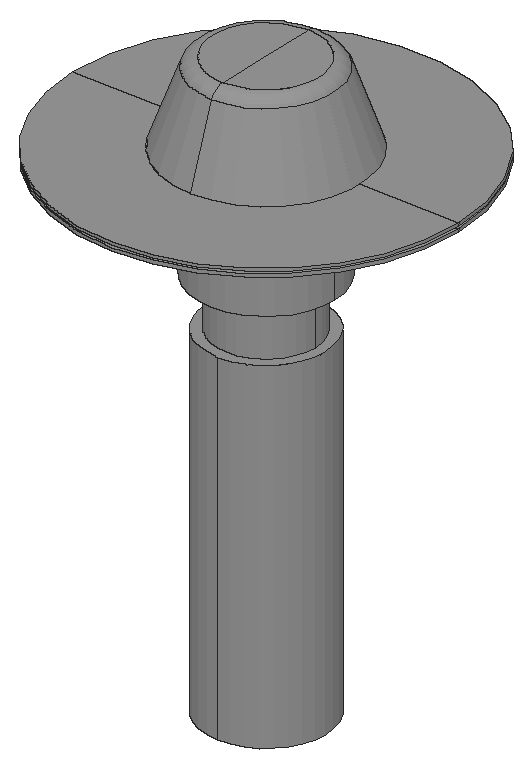
Revit family "HL_Dachablauf_HL69P-B-221103", category Instalační zařizovací předměty, Revit 2021
Family settings
  Kóta kulaté spojky = Použít průměr
  Typ dílu = Normální
  Číslo OmniClass = 23.70.50.21.24.14
  Nadpis OmniClass = Deck Waste Water Drains
  Založené na pracovní rovině = Ne
  Vždy vertikální = Ano
  Ořezat dutým tvarem při načtení = Ne
  Sdílené = Ne
  Bod výpočtu místnosti = Ano
Parameters (values of type "HL_Dachablauf_HL69P_1")
  Výchozí výška = 0 mm
  Výrobce = "HL Hutterer & Lechner GmbH"  # constant formula
  VOLUMENSTROM [instance] = 0.0 L/s
  URL = "http://www.hutterer-lechner.com/de/products/catalog/roof-drains/HL69P/1.aspx"
  RECHTSAUSKUNFT = "Urheberrechte (©), Designrechte und alle anderen Rechte am geistigen Eigentum, sind ausschließlich Eigentum der Firma HL Hutterer&Lechner GmbH. Änderungen sind nicht gestattet. Die Familien (Teile) sind mit Wasserzeichen geschützt."
  MATERIAL = "PP/PVC"
  LEISTUNG = "6,65 l/s"
  GEWICHT = "1,68 [kg]"
  EINLAUFROST = "Laubfangkorb d 145 mm"
  EINBAUHÖHE = "301 mm"
  EAN = "9003076022601"
  DURCHMESSER = 110 mm
  DIMENSION = "für DN110"
  Abdeckung Material [instance] = none
  Přípoj ventilace = no
  Přípoj odpadních dílů = yes
  Přípoj HW = no
  Přípoj CW = no
  Popis = "Dachabläufe"
  Model = "HL69P_1"
  Assembly Code = " "
  Komentáře k typům = "HL69P/1, Renovierungsdachablauf mit PVC_Kragen für DN110"
  Keynote = "HL69P_1"
  Einbauhöhe [instance] = 0 mm  # constant formula
  G [instance] = 180.00°  # constant formula
  D [instance] = if(DURCHMESSER = 75 mm, 250.7 mm, if(DURCHMESSER = 160 mm, 250.7 mm, 363.5 mm)) + Einbauhöhe  # 363.5 mm
  C [instance] = if(Einbauhöhe - 68 mm < 0 mm, 0 mm, Einbauhöhe - 68 mm)  # 0 mm
  B [instance] = 100 mm  # constant formula
  A [instance] = if(B - 100 mm > 15 mm, B - 100 mm, 15 mm)  # 15 mm
Types (5, lengths in mm): name | URL | LEISTUNG | GEWICHT | EAN | DURCHMESSER | DIMENSION | Model | Komentáře k typům | Keynote | D
  (no name) | "http://www.hutterer-lechner.com/de/products/catalog/roof-drains/HL69P/7.aspx" | "6,34 l/s" | "1,423 [kg]" | "9003076022663" | 75 | "für DN75" | "HL69P_7" | "HL69P/7, Renovierungsdachablauf mit PVC-Kragen für DN75" | "HL69P_7" | 250.7
  HL_Dachablauf_HL69P_1 | "http://www.hutterer-lechner.com/de/products/catalog/roof-drains/HL69P/1.aspx" | "6,65 l/s" | "1,68 [kg]" | "9003076022601" | 110 | "für DN110" | "HL69P_1" | "HL69P/1, Renovierungsdachablauf mit PVC_Kragen für DN110" | "HL69P_1" | 363.5
  HL_Dachablauf_HL69P_2 | "http://www.hutterer-lechner.com/de/products/catalog/roof-drains/HL69P/2.aspx" | "10,1 l/s" | "1,78 [kg]" | "9003076022625" | 125 | "für DN125" | "HL69P_2" | "HL69P/2, Renovierungsdachablauf mit PVC_Kragen für DN125" | "HL69P_2" | 363.5
  HL_Dachablauf_HL69P_5 | "http://www.hutterer-lechner.com/de/products/catalog/roof-drains/HL69P/5.aspx" | "9,0 l/s" | "2,17 [kg]" | "9003076022649" | 160 | "für DN160" | "HL69P_5" | "HL69P/5, Renovierungsdachablauf mit PVC_Kragen für DN160" | "HL69P_5" | 250.7
  HL_Dachablauf_HL69P_7 | "http://www.hutterer-lechner.com/de/products/catalog/roof-drains/HL69P/7.aspx" | "6,34 l/s" | "1,423 [kg]" | "9003076022663" | 75 | "für DN75" | "HL69P_7" | "HL69P/7, Renovierungsdachablauf mit PVC-Kragen für DN75" | "HL69P_7" | 250.7
Reference planes
  plane 1 "Center (Front/Back)": y = 0
  plane 2: z = 0
  plane 3 "Center (Left/Right)": x = 0
  plane 4: z = -100
  plane 5: z = 0
Lines and regions (mm)
  model lines, style "InvisibleLines"
    curve 1: line (0, 0, 0) -> (0, 0, 20)
  model lines, style "PlumbingFixtures", detail levels coarse+medium
    curve 2: line (0, 0, -100) -> (0, 0, -85)
    curve 3: line (0, 0, -85) -> (-85, 0, 0)
    curve 4: line (0, 0, -85) -> (85, 0, 0)
    curve 6: line (0, 0, -100) -> (0, 0, -463.5)
  reference lines, not visible
    curve 5: line (0, 0, -100) -> (0, 0, -463.5)
  symbolic lines, style "PlumbingFixtures", detail levels coarse+medium
    curve 7: line (-75, 75, 0) -> (75, 75, 0)
    curve 8: line (-75, -75, 0) -> (-75, 75, 0)
    curve 9: line (75, -75, 0) -> (-75, -75, 0)
    curve 10: line (75, 75, 0) -> (75, -75, 0)
    curve 11: line (-75, 75, 0) -> (-145.711, 145.711, 0)
    curve 12: line (75, 75, 0) -> (145.711, 145.711, 0)
    curve 13: line (-75, -75, 0) -> (-145.711, -145.711, 0)
    curve 14: line (75, -75, 0) -> (145.711, -145.711, 0)
  symbolic lines, style "PlumbingFixtures", not visible, detail levels coarse+medium
    curve 15: line (-75, 75, 0) -> (75, 75, 0)
    curve 16: line (-75, -75, 0) -> (-75, 75, 0)
    curve 17: line (75, -75, 0) -> (-75, -75, 0)
    curve 18: line (75, 75, 0) -> (75, -75, 0)
    curve 19: line (-75, 75, 0) -> (-145.711, 145.711, 0)
    curve 20: line (75, 75, 0) -> (145.711, 145.711, 0)
    curve 21: line (-75, -75, 0) -> (-145.711, -145.711, 0)
    curve 22: line (75, -75, 0) -> (145.711, -145.711, 0)
Text (mm)
  text "FLOOR" at (-162.344, 0, -10.979), in view "Drain Construction View"
Dimensions and locks
  "B": plane 2 to plane 4
  "Einbauhöhe": plane 2 to plane 5
  "A": curve 4 to plane 4
  "D": curve 5 to curve 5
  "D": curve 6 to curve 6
  locked: curve 4 to plane 3 "Center (Left/Right)" (angle 45.00°)
  locked: plane 3 "Center (Left/Right)" to curve 3 (angle 45.00°)
  "G": angle curve 5 to plane 3 "Center (Left/Right)"
  aligned and locked: level to plane 2
  aligned and locked: plane 2 to curve 4
  aligned and locked: plane 2 to curve 3
  aligned and locked: plane 4 to curve 5
  aligned and locked: plane 3 "Center (Left/Right)" to curve 5
  aligned and locked: plane 4 to curve 2
  aligned and locked: curve 6 to plane 4
  aligned and locked: nested 1 to plane 5
  aligned and locked: nested 1 to curve 6
  aligned and locked: plane 2 to nested 2
  aligned and locked: plane 3 "Center (Left/Right)" to nested 2
Automatic sketch dimensions
  curve 2 to plane 3 "Center (Left/Right)" = 0 mm
  curve 1 to plane 3 "Center (Left/Right)" = 0 mm
  curve 1 to level = 0 mm
  level to curve 1 = 20 mm
Nested families
  nested 1: "HL_Dachablaufkörper_HL69P" at (0, 0, -4.5), DURCHMESSER <- "DURCHMESSER", type "HL_Dachablaufkörper_HL69P"
    with DURCHMESSER 110 mm, C no, B no, A yes
  nested 2: "HL_Zubehör_HL062.1E" at (0, 0, 0), type "HL_Zubehör_HL062.1E"
Connectors
  piping at (0, 0, -463.5), diameter 110, driven by "VOLUMENSTROM", driven by "DURCHMESSER"
    settings: on curve 5, index 1, connector inside diameter 609.6 mm, connector length 0 mm, flow factor 0, pipe flow 0.0 L/s, pressure drop 0.0 Pa, fitting loss kfactor 0, connector angle 0.00°, fixture units 0, engagement length 0 mm, angle of deflection 0.00°, flow configuration 1, flow direction 2, fitting loss method 0, system type 16, joint type 0, gender type 0, connector reference index -1, connector utility 0, adjustable connector yes, is connector primary yes, connector description ""
Definition of nested family "HL_Dachablaufkörper_HL69P"
  Parameters (values of type "HL_Dachablaufkörper_HL69P")
    Default Elevation = 0 mm
    Manufacturer = ""
    URL = ""
    Description = ""
    Model = ""
    Type Comments = ""
    DURCHMESSER [instance] = 110 mm
    Cost = 0
    C [instance] = if(DURCHMESSER = 160 mm, (1 = 1), 0 = 1)  # no
    B [instance] = if(DURCHMESSER = 75 mm, (1 = 1), 0 = 1)  # no
    A [instance] = if(or(DURCHMESSER = 125 mm, DURCHMESSER = 110 mm), (1 = 1), 0 = 1)  # yes
  Reference planes
    plane 1 "Střed (vpředu/vzadu)": y = 0
    plane 2: z = 0
    plane 3 "Střed (vlevo/vpravo)": x = 0
  Forms (mm)
    Revolve 1, solid, detail levels fine
      sketch origin (0, 0, 0) x (1, 0, 0) y (0, 0, 1)
        loop
          line (-177, -3) -> (-128.681, -3) -> (-104.622, -11.757) -> (-85.494, -11.757) -> (-85.494, -34.757) -> (-80.751, -34.757) -> (-80.751, -45.214) -> (0, -45.214) -> (0, -42) -> (-77.75, -42) -> (-77.75, -25.487) -> (-82.978, -18.291) -> (-82.978, 0) -> (-177, 0) -> (-177, -3)
        axis (0, 0) -> (0, -45.214)
      angle from 0 to 360
    Revolve 2, solid, detail levels fine
      sketch origin (0, 0, 0) x (1, 0, 0) y (0, 0, 1)
        loop
          line (-177, 2) -> (-81.339, 2) -> (-81.339, -18.661) -> (-76.5, -23.5) -> (-73.99, -23.5) -> (-79.024, -17.5) -> (-79.024, 2.5) -> (-85.999, 4.5) -> (-177, 4.5) -> (-177, 2)
        axis (0, 4.5) -> (0, -23.5)
      angle from 0 to 360
    Revolve 3, solid, visible <- "A", detail levels fine
      sketch origin (-420, 0, 0) x (1, 0, 0) y (0, 0, 1)
        loop
          line (374.558, -144) -> (420, -144) -> (420, -45.214) -> (346.285, -45.214) -> (356.819, -63.459) -> (356.819, -99) -> (374.558, -99) -> (374.558, -144)
        axis (420, -45.214) -> (420, -144)
      angle from 0 to 360
    Extrusion 4, solid, visible <- "A", detail levels fine
      sketch origin (0, 0, -144) x (0, 1, 0) y (1, 0, 0)
        loop
          circle (0, 0) r 55
      from 0 to 315
    Revolve 5, solid, visible <- "C", detail levels fine
      sketch origin (0, 0, 0) x (1, 0, 0) y (0, 0, 1)
        loop
          line (-73.507, -45.214) -> (-73.507, -67.214) -> (-63.507, -67.214) -> (-63.507, -107.714) -> (-81.007, -107.714) -> (-81.007, -346.214) -> (0, -346.214) -> (0, -45.214) -> (-73.507, -45.214)
        axis (0, -45.214) -> (0, -346.214)
      angle from 0 to 360
    Revolve 6, solid, visible <- "B", detail levels fine
      sketch origin (0, 0, 0) x (1, 0, 0) y (0, 0, 1)
        loop
          line (-28.12, -94.314) -> (-28.12, -108.214) -> (-35.72, -108.214) -> (-35.72, -346.214) -> (0, -346.214) -> (0, -45.214) -> (-62.726, -45.214) -> (-28.12, -94.314)
        axis (0, -45.214) -> (0, -346.214)
      angle from 0 to 360
  Dimensions and locks
    "DURCHMESSER": diameter of Extrusion 4 sketch curve
    aligned and locked: level to plane 2
  Automatic sketch dimensions
    Revolve 1 sketch curve to level = 0 mm
    Revolve 1 sketch curve to plane 3 "Střed (vlevo/vpravo)" = 0 mm  (x2)
    Revolve 1 sketch curve to plane 3 "Střed (vlevo/vpravo)" = 77.75 mm
    Revolve 1 sketch curve to Revolve 1 sketch curve = 3.001 mm
    Revolve 1 sketch curve to level = 18.291 mm
    Revolve 1 sketch curve to Revolve 1 sketch curve = 5.228 mm
    Revolve 1 sketch curve to Revolve 1 sketch curve = 2.516 mm
    Revolve 1 sketch curve to Revolve 1 sketch curve = 19.128 mm
    Revolve 1 sketch curve to level = 3 mm
    Revolve 1 sketch curve to Revolve 1 sketch curve = 24.058 mm
    Revolve 1 sketch curve to Revolve 1 sketch curve = 48.319 mm
    Revolve 1 sketch curve to Revolve 1 sketch curve = 7.196 mm
    Revolve 1 sketch curve to Revolve 1 sketch curve = 9.27 mm
    Revolve 1 sketch curve to level = 42 mm
    Revolve 1 sketch curve to Revolve 1 sketch curve = 3.214 mm
    Revolve 1 sketch curve to level = 11.757 mm
    level to Revolve 1 sketch curve = 29.5 mm
    Revolve 1 sketch curve to Revolve 1 sketch curve = 50 mm
    Revolve 2 sketch curve to plane 3 "Střed (vlevo/vpravo)" = 0 mm
    Revolve 2 sketch curve to level = 23.5 mm
    Revolve 2 sketch curve to plane 3 "Střed (vlevo/vpravo)" = 73.99 mm
    Revolve 2 sketch curve to Revolve 2 sketch curve = 2.51 mm
    Revolve 2 sketch curve to level = 17.5 mm
    Revolve 2 sketch curve to Revolve 2 sketch curve = 2.524 mm
    Revolve 2 sketch curve to Revolve 2 sketch curve = 2.315 mm
    level to Revolve 2 sketch curve = 4.5 mm
    Revolve 2 sketch curve to Revolve 2 sketch curve = 4.66 mm
    level to Revolve 2 sketch curve = 2 mm
    Revolve 2 sketch curve to Revolve 2 sketch curve = 91.001 mm
    Revolve 2 sketch curve to Revolve 2 sketch curve = 1.161 mm
    Revolve 2 sketch curve to Revolve 2 sketch curve = 0.5 mm
    level to Revolve 2 sketch curve = 16.916 mm
    Revolve 2 sketch curve to Revolve 2 sketch curve = 27.433 mm
    Revolve 3 sketch curve to plane 3 "Střed (vlevo/vpravo)" = 0 mm  (x2)
    Revolve 3 sketch curve to plane 3 "Střed (vlevo/vpravo)" = 45.442 mm
    Revolve 3 sketch curve to Revolve 3 sketch curve = 17.739 mm
    Revolve 3 sketch curve to Revolve 3 sketch curve = 10.533 mm
    Revolve 3 sketch curve to level = 144 mm
    Revolve 3 sketch curve to Revolve 3 sketch curve = 45 mm
    Revolve 3 sketch curve to Revolve 3 sketch curve = 35.541 mm
    Revolve 3 sketch curve to level = 45.214 mm
    level to Revolve 3 sketch curve = 29.5 mm
    Revolve 3 sketch curve to Revolve 3 sketch curve = 50 mm
    Revolve 5 sketch curve to plane 3 "Střed (vlevo/vpravo)" = 0 mm
    Revolve 5 sketch curve to plane 3 "Střed (vlevo/vpravo)" = 63.507 mm
    Revolve 5 sketch curve to Revolve 5 sketch curve = 10 mm
    Revolve 5 sketch curve to Revolve 5 sketch curve = 17.5 mm
    Revolve 5 sketch curve to level = 346.214 mm
    Revolve 5 sketch curve to level = 107.714 mm
    Revolve 5 sketch curve to Revolve 5 sketch curve = 40.5 mm
    Revolve 5 sketch curve to Revolve 5 sketch curve = 22 mm
    Revolve 6 sketch curve to plane 3 "Střed (vlevo/vpravo)" = 0 mm
    Revolve 6 sketch curve to plane 3 "Střed (vlevo/vpravo)" = 28.12 mm
    Revolve 6 sketch curve to plane 3 "Střed (vlevo/vpravo)" = 35.72 mm
    Revolve 6 sketch curve to Revolve 6 sketch curve = 34.606 mm
    Revolve 6 sketch curve to level = 346.214 mm
    Revolve 6 sketch curve to level = 108.214 mm
    Revolve 6 sketch curve to Revolve 6 sketch curve = 13.9 mm
    Revolve 6 sketch curve to level = 45.214 mm
    Extrusion 4 sketch curve to Revolve 3 = 0 mm
Definition of nested family "HL_Zubehör_HL062.1E"
  Parameters (values of type "HL_Zubehör_HL062.1E")
    Default Elevation = 0 mm
    Manufacturer = "HL Hutterer & Lechner GmbH"
    URL = "http://www.hutterer-lechner.com/de/products/catalog/roof-drains/HL062.1E.aspx"
    Abdeckung Material = none
    RECHTSAUSKUNFT = "Urheberrechte (©), Designrechte und alle anderen Rechte am geistigen Eigentum, sind ausschließlich Eigentum der Firma HL Hutterer&Lechner GmbH. Änderungen sind nicht gestattet. Die Familien (Teile) sind mit Wasserzeichen geschützt."
    Description = "Dachabläufe"
    Model = "HL062.1E"
    Type Comments = "HL062.1E, Laubfangkorb"
    Keynote = "HL062.1E"
    GEWICHT = "0,097 [kg]"
    Volumenstrom [instance] = 0.0 L/s
    EAN = "9003076006212"
    Cost = 0
  Values of the unnamed type that differ from the named types
    Manufacturer = ""
    URL = ""
    RECHTSAUSKUNFT = ""
    Description = ""
    Model = ""
    Type Comments = "HL062.1E, domed plastic grate"
    Keynote = ""
  Reference planes
    plane 1 "Střed (vpředu/vzadu)": y = 0
    plane 2: z = 0
    plane 3 "Střed (vlevo/vpravo)": x = 0
  Forms (mm)
    Revolve 1, solid, detail levels fine
      sketch origin (0, 0, 0) x (0, 1, 0) y (0, 0, 1)
        loop
          line (0, 75) -> (0, 60.2) -> (47.074, 60.2) -> (68.985, 0) -> (86.249, 0) -> (61.992, 66.646)
          arc (61.992, 66.646) -> (56.733, 72.731) -> (49.016, 75) r 14.255
          line (49.016, 75) -> (0, 75)
        axis (0, 75) -> (0, 0)
      angle from 0 to 360
    Extrusion 2, solid, detail levels fine
      sketch origin (0, 0, 0) x (0, 1, 0) y (1, 0, 0)
        loop
          circle (0, 0) r 78.587
        loop
          circle (0, 0) r 70.981
      from 0 to 16.7
    Extrusion 3, solid, detail levels fine
      sketch origin (0, 0, -16.7) x (-1, 0, 0) y (0, 1, 0)
        loop
          circle (0, 0) r 70
        loop
          circle (0, 0) r 74.546
      from 0 to 12.3
  Dimensions and locks
    aligned and locked: level to plane 2
